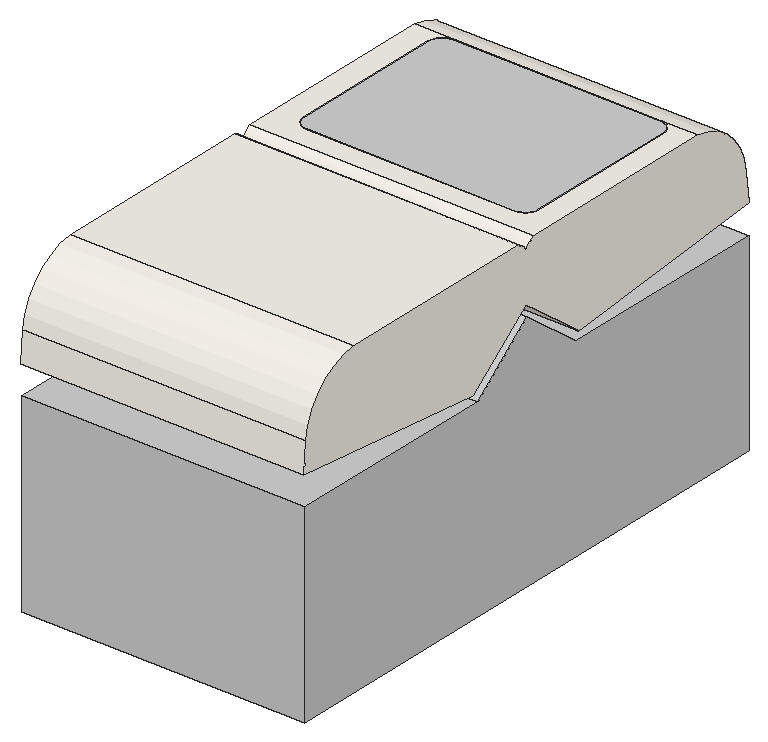
Revit family "Domotics-DomesticRanges-GEWISS-CHORUS_COMMAND-PUSH-BUTTON_DOUBLE_1M", category Apparecchi elettrici, host Superficie, Revit 2016
Family settings
  Host = Superficie
  Mantenere orientamento annotazione = Sì
  Tipo di parte = Normale
  Quota connettore circolare = Usa diametro
  Numero OmniClass = 23.80.50.11.14
  Titolo OmniClass = Switches
  Taglio con vuoti quando caricato = Sì
  Condiviso = Sì
  Punto di calcolo locali = Sì
Parameters (values of type "GW14144 - Titanium")
  Wiring terminals = "With screw"
  Voltage: = "250 V ac"
  Voltage = "250 V ac"
  Vista di pianta [instance] = yes
  Version file RFA = "19.0"
  URL = "https://www.gewiss.com/ww/en"
  Type = "Opal diffuser"
  Tipo_ = CHORUS PULSANTI DOPPI 1M_BASE : GW14144 - Titanio
  Thermo-pressure with ball = "125 °C"
  Terminal tightening capacity rigid cables (mm2) = "min. 0,5 - max. 2x2,5"
  Terminal tightening capacity flexible cables (mm2) = "min. 0,75 - max. 2x4"
  Terminal grip on cable traction = "> 50 N"
  Technical sheet = "https://www.gewiss.com/ww/en/search?q=GW14144"
  Standard; = "EN 60669-1"
  Simbolo_ = SIMBOLO PULSANTI : LUM
  SIMBOLO [instance] = yes
  SEO = "Push button"
  Resistance at test voltage = "2000 V at 50 Hz for 1 minute"
  Realized by GEWISS S.p.A. = ""
  Prolonged operation (no.of position changes) = "40.000 at In 250 V ac cosØ=0,6"
  Produttore = "GEWISS S.p.A."
  Offset pulsante [instance] = 0 mm
  Offset bidimensionale [instance] = 2 mm
  Number of poles = "1P"
  No. Chorus modules = "1"
  Modello = "GW14144"
  Larghezza pulsante = 23 mm
  Insulation resistance = "> 5 MOhm"
  IFC.TypeObject = ""
  IFC.ExportType = ""
  IFC.ExportAs = ""
  IDT = "e94f411e-52af-40ad-8ae0-9443e08576e5"
  IDF = "2e8034d1-03a1-4e93-8a43-b73501fad585"
  Glow Wire Test = "850°C"
  Electrocod = "0130"
  EAN code = "8011564265967"
  Distanza_effettiva_x [instance] = 1500 mm - Distanza_x  # 1500 mm
  Distanza_x [instance] = 0 mm
  Default Elevation = 1219.2 mm
  Immagine tipo = GW14144.jpg
  Descrizione = "P-BUTTON 1M 1P NO 16A TRP LAMP, TITANIUM"
  Description: = "1P NO - 16A illuminable"
  Colour = "Titanium"
  Category = "Push-button"
  Catalogue Range = "CHORUS - DOMESTIC RANGE"
  Catalogue = "DOMOTICS"
  COBie.Tagnumber = ""
  COBie.CreatedOn = ""
  COBie.CreatebBy = ""
  COBie.ComponentRegisterItemID = ""
  COBie.Component.TagNumber = ""
  COBie.Component.Space = ""
  COBie.Component.SerialNumber = ""
  COBie.Component.InstallationDate = ""
  COBie.Component.Description = ""
  COBie.Component.BarCode = ""
  Button key = "Opal diffuser"
  Breaking capacity: = "1.25 In (200 position changes)"
  Bidimensionale = bidimensionale pulsanti doppi 1m : spia
Types (12, lengths in mm): name | Type | Tipo_ | Technical sheet | Simbolo_ | Modello | IDT | EAN code | Immagine tipo | Descrizione | Description: | Colour | Button key | Bidimensionale
  GW10141 - White | "Double" | CHORUS PULSANTI DOPPI 1M_BASE : GW10141 - Bianco | "https://www.gewiss.com/ww/en/search?q=GW10141" | SIMBOLO PULSANTI : DOPPIO | "GW10141" | "402efecf-1e80-4897-b2ad-912b0e04516a" | "8011564261853" | GW10141.jpg | "PUSH-BUTTON, 1M DOUBLE NO 16A WHITE" | "1P NO+NO - 16 A" | "White" | "Double" | bidimensionale pulsanti doppi 1m : pieno
  GW10142 - White | "Green diffuser" | CHORUS PULSANTI DOPPI 1M_BASE : GW10142 - Bianco | "https://www.gewiss.com/ww/en/search?q=GW10142" | SIMBOLO PULSANTI : LUM | "GW10142" | "fdced0a8-2fd2-4e41-861e-fa665b6bf095" | "8011564260801" | GW10142.jpg | "P-BUTTON, 1M 1P NO 16A GREEN LAMP, WHITE" | "1P NO - 16A illuminable" | "White" | "Green diffuser" | bidimensionale pulsanti doppi 1m : spia
  GW10143 - White | "Red diffuser" | CHORUS PULSANTI DOPPI 1M_BASE : GW10143 - Bianco | "https://www.gewiss.com/ww/en/search?q=GW10143" | SIMBOLO PULSANTI : LUM | "GW10143" | "ef0cfec9-2d2e-42ba-9396-7e96745e34f3" | "8011564260818" | GW10143.jpg | "P-BUTTON, 1M 1P NO 16A RED LAMP, WHITE" | "1P NO - 16A illuminable" | "White" | "Red diffuser" | bidimensionale pulsanti doppi 1m : spia
  GW10144 - White | "Opal diffuser" | CHORUS PULSANTI DOPPI 1M_BASE : GW10144 - Bianco | "https://www.gewiss.com/ww/en/search?q=GW10144" | SIMBOLO PULSANTI : LUM | "GW10144" | "e70d7945-064e-48cb-a794-70ec8175eb72" | "8011564260825" | GW10144.jpg | "P-BUTTON 1M 1P NO 16A TRANSP LAMP, WHITE" | "1P NO - 16A illuminable" | "White" | "Opal diffuser" | bidimensionale pulsanti doppi 1m : spia
  GW12141 - Black | "Double" | CHORUS PULSANTI DOPPI 1M_BASE : GW12141 - Nero | "https://www.gewiss.com/ww/en/search?q=GW12141" | SIMBOLO PULSANTI : DOPPIO | "GW12141" | "43ebe68e-0dba-43b8-8b96-0d95c879c669" | "8011564269606" | GW12141.jpg | "PUSH-BUTTON 1M DOUBLE NO 16A BLACK" | "1P NO+NO - 16 A" | "Black" | "Double" | bidimensionale pulsanti doppi 1m : pieno
  GW12142 - Black | "Green diffuser" | CHORUS PULSANTI DOPPI 1M_BASE : GW12142 - Nero | "https://www.gewiss.com/ww/en/search?q=GW12142" | SIMBOLO PULSANTI : LUM | "GW12142" | "b5d410c3-884c-4992-8c79-10494d26b8b2" | "8011564269613" | GW12142.jpg | "P-BUTTON 1M 1P NO 16A GREEN LAMP, BLACK" | "1P NO - 16A illuminable" | "Black" | "Green diffuser" | bidimensionale pulsanti doppi 1m : spia
  GW12143 - Black | "Red diffuser" | CHORUS PULSANTI DOPPI 1M_BASE : GW12143 - Nero | "https://www.gewiss.com/ww/en/search?q=GW12143" | SIMBOLO PULSANTI : LUM | "GW12143" | "dfcf1f26-5ef1-4e33-ae79-815c978a4054" | "8011564269620" | GW12143.jpg | "P-BUTTON 1M 1P NO 16A RED LAMP, BLACK" | "1P NO - 16A illuminable" | "Black" | "Red diffuser" | bidimensionale pulsanti doppi 1m : spia
  GW12144 - Black | "Opal diffuser" | CHORUS PULSANTI DOPPI 1M_BASE : GW12144 - Nero | "https://www.gewiss.com/ww/en/search?q=GW12144" | SIMBOLO PULSANTI : LUM | "GW12144" | "bdaf5ccf-a075-4c69-b39b-8fcf161dcf35" | "8011564269637" | GW12144.jpg | "P-BUTTON 1M 1P NO 16A TRANSP LAMP, BLACK" | "1P NO - 16A illuminable" | "Black" | "Opal diffuser" | bidimensionale pulsanti doppi 1m : spia
  GW14141 - Titanium | "Double" | CHORUS PULSANTI DOPPI 1M_BASE : GW14141 - Titanio | "https://www.gewiss.com/ww/en/search?q=GW14141" | SIMBOLO PULSANTI : DOPPIO | "GW14141" | "8d452048-d3fd-4f08-b4c4-1888a29c77bf" | "8011564265936" | GW14141.jpg | "PUSH-BUTTON 1M DOUBLE NO 16A TITANIUM" | "1P NO+NO - 16 A" | "Titanium" | "Double" | bidimensionale pulsanti doppi 1m : pieno
  GW14142 - Titanium | "Green diffuser" | CHORUS PULSANTI DOPPI 1M_BASE : GW14142 - Titanio | "https://www.gewiss.com/ww/en/search?q=GW14142" | SIMBOLO PULSANTI : LUM | "GW14142" | "8808eefa-72db-46db-9363-b6da4d36fc2b" | "8011564265943" | GW14142.jpg | "P-BUTTON 1M 1P NO 16A GRN LAMP, TITANIUM" | "1P NO - 16A illuminable" | "Titanium" | "Green diffuser" | bidimensionale pulsanti doppi 1m : spia
  GW14143 - Titanium | "Red diffuser" | CHORUS PULSANTI DOPPI 1M_BASE : GW14143 - Titanio | "https://www.gewiss.com/ww/en/search?q=GW14143" | SIMBOLO PULSANTI : LUM | "GW14143" | "107ac022-6c01-4a7c-888a-f81f108883ad" | "8011564265950" | GW14143.jpg | "P-BUTTON 1M 1P NO 16A RED LAMP, TITANIUM" | "1P NO - 16A illuminable" | "Titanium" | "Red diffuser" | bidimensionale pulsanti doppi 1m : spia
  GW14144 - Titanium | "Opal diffuser" | CHORUS PULSANTI DOPPI 1M_BASE : GW14144 - Titanio | "https://www.gewiss.com/ww/en/search?q=GW14144" | SIMBOLO PULSANTI : LUM | "GW14144" | "e94f411e-52af-40ad-8ae0-9443e08576e5" | "8011564265967" | GW14144.jpg | "P-BUTTON 1M 1P NO 16A TRP LAMP, TITANIUM" | "1P NO - 16A illuminable" | "Titanium" | "Opal diffuser" | bidimensionale pulsanti doppi 1m : spia
Reference planes
  plane 1 "Centro (Fronte/Retro)": y = 0
  plane 2: z = 0
  plane 3 "Centro (Sinistra/Destra)": x = 0
  plane 4: z = 0
  plane 5: x = 0
  plane 6: z = 26
  plane 7: x = -11.5
  plane 8: x = 11.5
  plane 9: z = 28
  plane 10: x = -1500
Lines and regions (mm)
  Masking region 1, visible <- "Vista di pianta"
    outline origin (0, 0, 0) x (1, 0, 0) y (0, 0, 1)
      loop
        line (-11.5, 26) -> (-11.5, 0) -> (11.5, 0) -> (11.5, 26) -> (-11.5, 26)
Dimensions and locks
  "Offset pulsante": plane 4 to host face
  locked: plane 6 to plane 4 at 26
  equal spacing: plane 7, plane 3 "Centro (Sinistra/Destra)", plane 8
  "Larghezza pulsante": plane 7 to plane 8
  "Distanza_effettiva_x": plane 10 to plane 5
  plane 10 to plane 3 "Centro (Sinistra/Destra)" = 1500 mm
  "Offset bidimensionale": plane 9 to plane 6
  aligned and locked: plane 2 to host face
  aligned and locked: level to host face
  aligned and locked: nested 1 to plane 4
  aligned and locked: plane 5 to nested 3
  aligned and locked: plane 6 to Masking region 1 sketch curve
  aligned and locked: plane 4 to Masking region 1 sketch curve
  aligned and locked: plane 9 to nested 2
  aligned and locked: nested 2 to plane 9
Automatic sketch dimensions
  host sketch curve to host sketch curve = 2438.4 mm  (x2)
  Masking region 1 sketch curve to plane 3 "Centro (Sinistra/Destra)" = 11.5 mm
  plane 3 "Centro (Sinistra/Destra)" to Masking region 1 sketch curve = 11.5 mm
Nested families
  nested 1: "CHORUS PULSANTI DOPPI 1M_BASE" at (0, 0, 0), type <- "Tipo_", built-in parameter 1001364 <- "Offset pulsante", type "GW14144 - Titanio"
  nested 2: "bidimensionale pulsanti doppi 1m" at (0, 0, 28), type <- "Bidimensionale", type "spia", detail levels coarse
  nested 3: "SIMBOLO PULSANTI" at (0, 312.74, 0), type <- "Simbolo_", SIMBOLO <- "SIMBOLO", type "LUM"
    with TESTO ELETTRICO "", SIMBOLO yes, Distanza dal muro 2 mm, BORDO ACCESO yes
Connectors
  electrical at (0, 0, 0)
    settings: on nested 1, index 1, voltage 0 V, apparent load 0 VA, apparent load phase1 0 VA, apparent load phase2 0 VA, apparent load phase3 0 VA, power factor 1, load classification "Other", number of poles 1, system type 31, power factor state 1, is connector primary yes, connector utility no, sub classification motor no, connector description ""
Definition of nested family "CHORUS PULSANTI DOPPI 1M_BASE"
  Parameters (values of type "GW14144 - Titanio")
    Supporto = none
    Spia = none
    Pulsante pieno = no
    Pulsante con spia = yes
    Pulsante = none
    Profondità suporto = 15.673 mm
    Larghezza pulsante = 23 mm
    Bidimensionale = 36.414 mm
    Altezza pulsante = 45 mm
  Types (12, lengths in mm): name | Pulsante pieno | Pulsante con spia
    GW12141 - Nero | yes | no
    GW14141 - Titanio | yes | no
    GW10141 - Bianco | yes | no
    GW10142 - Bianco | no | yes
    GW10143 - Bianco | no | yes
    GW10144 - Bianco | no | yes
    GW12142 - Nero | no | yes
    GW12143 - Nero | no | yes
    GW12144 - Nero | no | yes
    GW14142 - Titanio | no | yes
    GW14143 - Titanio | no | yes
    GW14144 - Titanio | no | yes
  Reference planes
    plane 1 "Centro (Fronte/Retro)": y = 0
    plane 2: z = 0
    plane 3 "Centro (Sinistra/Destra)": x = 0
    plane 4: y = -22.5
    plane 5: y = 22.5
    plane 6: x = -11.5
    plane 7: x = 11.5
    plane 8: z = 15.673
    plane 9 "PIANO BIDIMENSIONALE": z = 36.414
    plane 10: z = 25.218
    plane 11: y = 0.756
    plane 12: y = -0.756
    plane 13: x = -9.507
    plane 14: x = 9.595
    plane 15: y = 17.372
    plane 16: y = 2.503
  Forms (mm)
    Extrusion 1, solid, material <- "Supporto", detail levels medium+fine
      sketch origin (0, 0, 0) x (0, 1, 0) y (0, 0, 1)
        loop
          line (-22.5, 0) -> (22.5, 0) -> (22.5, 15.673) -> (5, 15.673) -> (0, 19.673) -> (-5, 15.673) -> (-22.5, 15.673) -> (-22.5, 0)
      from -11.5 to 11.5
    Extrusion 2, solid, material <- "Pulsante", visible <- "Pulsante pieno", detail levels medium+fine
      sketch origin (0, -1.516, 0.116) x (0, 0.994522, -0.104528) y (0, 0.104528, 0.994522)
        loop
          line (-22.833, 15.673) -> (-5.514, 15.673) -> (-0.63, 20.499) -> (5.151, 16.793) -> (22.091, 20.394) -> (21.601, 22.701)
          arc (21.601, 22.701) -> (19.707, 25.774) -> (16.295, 26.953) r 5.368
          line (16.295, 26.953) -> (-0.365, 25.202)
          arc (-0.365, 25.202) -> (-0.793, 24.862) -> (-1.037, 24.372) r 1.258
          arc (-1.037, 24.372) -> (-1.377, 24.8) -> (-1.867, 25.044) r 1.258
          line (-1.867, 25.044) -> (-18.527, 23.293)
          arc (-18.527, 23.293) -> (-21.62, 21.43) -> (-22.833, 18.031) r 5.368
          line (-22.833, 18.031) -> (-22.833, 15.673)
      from -11.5 to 11.5
    Extrusion 3, solid, material <- "Pulsante", visible <- "Pulsante con spia", detail levels medium+fine
      sketch origin (0, -1.602, 0.116) x (0, 0.994522, -0.104528) y (0, 0.104528, 0.994522)
        loop
          line (-22.833, 15.673) -> (-5.514, 15.673) -> (-0.63, 20.499) -> (5.151, 16.793) -> (22.091, 20.394) -> (21.601, 22.701)
          arc (21.601, 22.701) -> (19.707, 25.774) -> (16.295, 26.953) r 5.368
          line (16.295, 26.953) -> (-0.365, 25.202)
          arc (-0.365, 25.202) -> (-0.793, 24.862) -> (-1.037, 24.372) r 1.258
          arc (-1.037, 24.372) -> (-1.377, 24.8) -> (-1.867, 25.044) r 1.258
          line (-1.867, 25.044) -> (-18.527, 23.293)
          arc (-18.527, 23.293) -> (-21.62, 21.43) -> (-22.833, 18.031) r 5.368
          line (-22.833, 18.031) -> (-22.833, 15.673)
      from -11.5 to 11.5
    Extrusion 4, void
      sketch origin (0, 164.914, 0) x (1, 0, 0) y (0, 1, 0)
        loop
          line (-8.398, -162.411) -> (8.486, -162.411)
          arc (8.486, -162.411) -> (9.27, -162.086) -> (9.595, -161.302) r 1.109
          line (9.595, -161.302) -> (9.595, -148.651)
          arc (9.595, -148.651) -> (9.27, -147.867) -> (8.486, -147.542) r 1.109
          line (8.486, -147.542) -> (-8.398, -147.542)
          arc (-8.398, -147.542) -> (-9.182, -147.867) -> (-9.507, -148.651) r 1.109
          line (-9.507, -148.651) -> (-9.507, -161.302)
          arc (-9.507, -161.302) -> (-9.182, -162.086) -> (-8.398, -162.411) r 1.109
      from 23.006 to 34.874
    Extrusion 5, solid, material <- "Spia", visible <- "Pulsante con spia", detail levels medium+fine
      sketch origin (0, 0, 0) x (1, 0, 0) y (0, 1, 0)
        loop
          line (-8.398, 2.503) -> (8.486, 2.503)
          arc (8.486, 2.503) -> (9.27, 2.828) -> (9.595, 3.612) r 1.109
          line (9.595, 3.612) -> (9.595, 16.263)
          arc (9.595, 16.263) -> (9.27, 17.047) -> (8.486, 17.372) r 1.109
          line (8.486, 17.372) -> (-8.398, 17.372)
          arc (-8.398, 17.372) -> (-9.182, 17.047) -> (-9.507, 16.263) r 1.109
          line (-9.507, 16.263) -> (-9.507, 3.612)
          arc (-9.507, 3.612) -> (-9.182, 2.828) -> (-8.398, 2.503) r 1.109
      from 23.006 to 25.218
  Cuts and joins
    Extrusion 4 cuts Extrusion 3
  Lines and regions (mm)
    Masking region 1, visible <- "Pulsante pieno"
      outline origin (0, 0, 36.414) x (-1, 0, 0) y (0, -1, 0)
        loop
          line (11.5, -22.5) -> (11.5, -0.756) -> (-11.5, -0.756) -> (-11.5, -22.5) -> (11.5, -22.5)
        loop
          line (-11.5, 0.756) -> (11.5, 0.756) -> (11.5, 22.5) -> (-11.5, 22.5) -> (-11.5, 0.756)
    Masking region 2, visible <- "Pulsante pieno"
      outline origin (0, 0, 36.414) x (-1, 0, 0) y (0, -1, 0)
        loop
          line (11.5, -0.756) -> (11.5, 0.756) -> (-11.5, 0.756) -> (-11.5, -0.756) -> (11.5, -0.756)
    Masking region 3, visible <- "Pulsante con spia"
      outline origin (0, 0, 36.414) x (-1, 0, 0) y (0, -1, 0)
        loop
          arc (8.398, -17.372) -> (9.182, -17.047) -> (9.507, -16.263) r 1.109
          line (9.507, -16.263) -> (9.507, -9.937) -> (9.507, -3.612)
          arc (9.507, -3.612) -> (9.182, -2.828) -> (8.398, -2.503) r 1.109
          line (8.398, -2.503) -> (-0.044, -2.503) -> (-8.486, -2.503)
          arc (-8.486, -2.503) -> (-9.27, -2.828) -> (-9.595, -3.612) r 1.109
          line (-9.595, -3.612) -> (-9.595, -9.937) -> (-9.595, -16.263)
          arc (-9.595, -16.263) -> (-9.27, -17.047) -> (-8.486, -17.372) r 1.109
          line (-8.486, -17.372) -> (-0.044, -17.372) -> (8.398, -17.372)
        loop
          line (11.5, -22.5) -> (11.5, -0.756) -> (-11.5, -0.756) -> (-11.5, -22.5) -> (11.5, -22.5)
        loop
          line (-11.5, 0.756) -> (11.5, 0.756) -> (11.5, 22.5) -> (-11.5, 22.5) -> (-11.5, 0.756)
    Masking region 4, visible <- "Pulsante con spia"
      outline origin (0, 0, 36.414) x (-1, 0, 0) y (0, -1, 0)
        loop
          line (-11.5, -0.756) -> (11.5, -0.756) -> (11.5, 0.756) -> (-11.5, 0.756) -> (-11.5, -0.756)
        loop
          line (-0.044, -2.503) -> (-8.486, -2.503)
          arc (-8.486, -2.503) -> (-9.27, -2.828) -> (-9.595, -3.612) r 1.109
          line (-9.595, -3.612) -> (-9.595, -9.937) -> (-9.595, -16.263)
          arc (-9.595, -16.263) -> (-9.27, -17.047) -> (-8.486, -17.372) r 1.109
          line (-8.486, -17.372) -> (-0.044, -17.372) -> (8.398, -17.372)
          arc (8.398, -17.372) -> (9.182, -17.047) -> (9.507, -16.263) r 1.109
          line (9.507, -16.263) -> (9.507, -9.937) -> (9.507, -3.612)
          arc (9.507, -3.612) -> (9.182, -2.828) -> (8.398, -2.503) r 1.109
          line (8.398, -2.503) -> (-0.044, -2.503)
  Dimensions and locks
    equal spacing: plane 4, plane 1 "Centro (Fronte/Retro)", plane 5
    plane 4 to plane 5 = 45 mm
    equal spacing: plane 6, plane 3 "Centro (Sinistra/Destra)", plane 7
    "Larghezza pulsante": plane 6 to plane 7
    equal spacing: plane 5, plane 1 "Centro (Fronte/Retro)", plane 4
    "Altezza pulsante": plane 5 to plane 4
    "Profondità suporto": plane 8 to plane 2
    "Bidimensionale": plane 9 "PIANO BIDIMENSIONALE" to level
    aligned and locked: level to plane 2
    aligned and locked: Extrusion 1 sketch curve to plane 4
    aligned and locked: plane 5 to Extrusion 1 sketch curve
    aligned and locked: Extrusion 1 sketch curve to plane 2
    aligned and locked: Extrusion 1 to plane 6
    aligned and locked: plane 7 to Extrusion 1
    aligned and locked: Extrusion 2 sketch curve to plane 10
    aligned and locked: plane 14 to Extrusion 4
    aligned and locked: Extrusion 4 to plane 13
    aligned and locked: Extrusion 5 sketch curve to cut or joined group of Extrusion 3, Extrusion 4  (x4)
    aligned and locked: Extrusion 5 to cut or joined group of Extrusion 3, Extrusion 4
    aligned and locked: Extrusion 2 to Extrusion 5
  Automatic sketch dimensions
    plane 8 to Extrusion 1 sketch curve = 0 mm  (x2)
    Extrusion 1 sketch curve to plane 1 "Centro (Fronte/Retro)" = 0 mm
    plane 12 to Extrusion 1 sketch curve = 4.244 mm
    Extrusion 1 sketch curve to plane 16 = 2.497 mm
    Extrusion 1 sketch curve to plane 8 = 4 mm
    Extrusion 2 sketch curve to plane 12 = 0 mm
    Extrusion 2 sketch curve to plane 1 "Centro (Fronte/Retro)" = 0 mm  (x2)
    plane 10 to Extrusion 2 sketch curve = 0 mm  (x2)
    Extrusion 2 sketch curve to plane 11 = 0 mm
    Extrusion 2 sketch curve to Extrusion 2 sketch curve = 0.301 mm
    Extrusion 2 sketch curve to Extrusion 2 sketch curve = 3.345 mm
    Extrusion 2 sketch curve to Extrusion 2 sketch curve = 11.95 mm
    Extrusion 2 sketch curve to Extrusion 2 sketch curve = 1.062 mm
    Extrusion 2 sketch curve to Extrusion 2 sketch curve = 5.368 mm
    Extrusion 2 sketch curve to Extrusion 2 sketch curve = 1.539 mm
    Extrusion 2 sketch curve to Extrusion 2 sketch curve = 0.549 mm
    Extrusion 2 sketch curve to Extrusion 2 sketch curve = 5.781 mm
    Extrusion 2 sketch curve to Extrusion 2 sketch curve = 11.144 mm
    Extrusion 2 sketch curve to Extrusion 2 sketch curve = 0.055 mm
    Extrusion 2 sketch curve to Extrusion 2 sketch curve = 5.251 mm
    Extrusion 2 sketch curve to Extrusion 2 sketch curve = 0.49 mm
    Extrusion 2 sketch curve to Extrusion 2 sketch curve = 3.706 mm
    Extrusion 2 sketch curve to Extrusion 2 sketch curve = 2.358 mm
    Extrusion 2 sketch curve to Extrusion 2 sketch curve = 6.559 mm
    Extrusion 2 sketch curve to Extrusion 2 sketch curve = 1.221 mm
    Masking region 1 sketch curve to plane 7 = 0 mm  (x2)
    Masking region 1 sketch curve to plane 5 = 0 mm
    Masking region 1 sketch curve to plane 6 = 0 mm  (x2)
    plane 11 to Masking region 1 sketch curve = 0 mm
    plane 12 to Masking region 1 sketch curve = 0 mm
    Masking region 1 sketch curve to plane 4 = 0 mm
    Masking region 2 sketch curve to plane 7 = 0 mm
    Masking region 2 sketch curve to plane 6 = 0 mm
    plane 11 to Masking region 2 sketch curve = 0 mm
    plane 12 to Masking region 2 sketch curve = 0 mm
    Masking region 3 sketch curve to plane 5 = 0 mm
    Masking region 3 sketch curve to plane 7 = 0 mm  (x2)
    Masking region 3 sketch curve to plane 4 = 0 mm
    Masking region 3 sketch curve to plane 14 = 0 mm
    plane 16 to Masking region 3 sketch curve = 0 mm
    plane 15 to Masking region 3 sketch curve = 0 mm
    Masking region 3 sketch curve to plane 13 = 0 mm
    Masking region 3 sketch curve to plane 6 = 0 mm  (x2)
    plane 11 to Masking region 3 sketch curve = 0 mm
    plane 12 to Masking region 3 sketch curve = 0 mm
    Masking region 3 sketch curve to plane 14 = 1.109 mm  (x2)
    plane 3 "Centro (Sinistra/Destra)" to Masking region 3 sketch curve = 0.044 mm  (x2)
    Masking region 3 sketch curve to Masking region 3 sketch curve = 1.109 mm
    plane 13 to Masking region 3 sketch curve = 1.109 mm
    Masking region 3 sketch curve to Masking region 3 sketch curve = 6.326 mm  (x2)
    Masking region 4 sketch curve to plane 7 = 0 mm
    Masking region 4 sketch curve to plane 14 = 0 mm
    plane 16 to Masking region 4 sketch curve = 0 mm
    plane 15 to Masking region 4 sketch curve = 0 mm
    Masking region 4 sketch curve to plane 13 = 0 mm
    Masking region 4 sketch curve to plane 6 = 0 mm
    plane 11 to Masking region 4 sketch curve = 0 mm
    plane 12 to Masking region 4 sketch curve = 0 mm
    Masking region 4 sketch curve to plane 14 = 1.109 mm  (x2)
    plane 3 "Centro (Sinistra/Destra)" to Masking region 4 sketch curve = 0.044 mm  (x2)
    plane 13 to Masking region 4 sketch curve = 1.109 mm  (x2)
    Masking region 4 sketch curve to Masking region 4 sketch curve = 6.326 mm  (x2)
    Extrusion 3 sketch curve to plane 10 = 0 mm  (x4)
    Extrusion 3 sketch curve to plane 8 = 4.762 mm
    plane 4 to Extrusion 3 sketch curve = 0.074 mm
    Extrusion 3 sketch curve to Extrusion 3 sketch curve = 4.306 mm
    Extrusion 3 sketch curve to Extrusion 3 sketch curve = 11.95 mm
    Extrusion 3 sketch curve to Extrusion 3 sketch curve = 3.345 mm
    Extrusion 3 sketch curve to Extrusion 3 sketch curve = 0.301 mm
    Extrusion 3 sketch curve to Extrusion 3 sketch curve = 1.539 mm
    Extrusion 3 sketch curve to Extrusion 3 sketch curve = 1.503 mm
    Extrusion 3 sketch curve to Extrusion 3 sketch curve = 0.549 mm
    Extrusion 3 sketch curve to Extrusion 3 sketch curve = 5.781 mm
    Extrusion 3 sketch curve to Extrusion 3 sketch curve = 11.144 mm
    Extrusion 3 sketch curve to Extrusion 3 sketch curve = 0.055 mm
    Extrusion 3 sketch curve to Extrusion 3 sketch curve = 5.251 mm
    Extrusion 3 sketch curve to Extrusion 3 sketch curve = 0.49 mm
    Extrusion 3 sketch curve to Extrusion 3 sketch curve = 8.408 mm
    Extrusion 3 sketch curve to Extrusion 3 sketch curve = 2.358 mm
    Extrusion 3 sketch curve to Extrusion 3 sketch curve = 6.559 mm
    Extrusion 3 sketch curve to Extrusion 3 sketch curve = 4.545 mm
    Extrusion 3 sketch curve to Extrusion 3 sketch curve = 1.221 mm
    Extrusion 3 sketch curve to Extrusion 3 sketch curve = 1.132 mm
    Extrusion 4 sketch curve to plane 14 = 1.109 mm  (x2)
    plane 13 to Extrusion 4 sketch curve = 1.109 mm  (x2)
    Extrusion 4 sketch curve to plane 13 = 0 mm
    plane 15 to Extrusion 4 sketch curve = 0 mm
    plane 16 to Extrusion 4 sketch curve = 0 mm
    Extrusion 4 sketch curve to plane 14 = 0 mm
    Extrusion 4 sketch curve to Extrusion 4 sketch curve = 1.109 mm
    plane 13 to Extrusion 5 sketch curve = 1.109 mm  (x2)
    Extrusion 5 sketch curve to plane 14 = 1.109 mm  (x2)
Definition of nested family "bidimensionale pulsanti doppi 1m"
  Parameters (values of type "spia")
    spia = yes
    pieno = yes
  Types (2, lengths in mm): name | spia
    pieno | no
    spia | yes
  Reference planes
    plane 1 "Centro (Fronte/Retro)": y = 0
    plane 2: z = 0
    plane 3 "Centro (Sinistra/Destra)": x = 0
    plane 4: x = -11.5
    plane 5: x = 11.5
    plane 6: y = 22.5
    plane 7: y = -22.5
  Lines and regions (mm)
    model lines, not visible
      curve 1: line (-11.5, -22.5, 0) -> (-11.5, 22.5, 0)
      curve 2: line (11.5, -22.5, 0) -> (-11.5, -22.5, 0)
      curve 3: line (11.5, 22.5, 0) -> (11.5, -22.5, 0)
      curve 4: line (-11.5, 22.5, 0) -> (11.5, 22.5, 0)
      curve 5: line (-11.5, -22.5, 0) -> (-11.5, 22.5, 0)
      curve 6: line (11.5, -22.5, 0) -> (-11.5, -22.5, 0)
      curve 7: line (11.5, 22.5, 0) -> (11.5, -22.5, 0)
      curve 8: line (5.4, -20, 0) -> (8.1, -20, 0)
      curve 9: line (5.4, -6.8, 0) -> (5.4, -20, 0)
      curve 10: line (8.1, -6.8, 0) -> (5.4, -6.8, 0)
      curve 11: line (8.1, -20, 0) -> (8.1, -6.8, 0)
      curve 12: line (-11.5, 22.5, 0) -> (11.5, 22.5, 0)
      curve 13: line (-11.5, -22.5, 0) -> (-11.5, 22.5, 0)
      curve 14: line (11.5, -22.5, 0) -> (-11.5, -22.5, 0)
      curve 15: line (11.5, 22.5, 0) -> (11.5, -22.5, 0)
      curve 16: line (3.779, -20, 0) -> (10.113, -20, 0)
      curve 17: line (3.779, -13.67, 0) -> (3.779, -20, 0)
      curve 18: line (10.113, -13.67, 0) -> (3.779, -13.67, 0)
      curve 19: line (10.113, -20, 0) -> (10.113, -13.67, 0)
      curve 20: line (-11.5, 22.5, 0) -> (11.5, 22.5, 0)
      curve 21: line (-11.5, 22.5, 0) -> (11.5, 22.5, 0)
      curve 22: line (-11.5, -22.5, 0) -> (-11.5, 22.5, 0)
      curve 23: line (11.5, -22.5, 0) -> (-11.5, -22.5, 0)
      curve 24: line (11.5, 22.5, 0) -> (11.5, -22.5, 0)
      curve 25: circle (4.751, -13.996, 0) r 3.666 normal (0, 0, 1)
      curve 26: circle (4.751, -13.996, 0) r 3.166 normal (0, 0, 1)
      curve 27: line (-11.5, 22.5, 0) -> (11.5, 22.5, 0)
      curve 28: line (-11.5, -22.5, 0) -> (-11.5, 22.5, 0)
      curve 29: line (11.5, -22.5, 0) -> (-11.5, -22.5, 0)
      curve 30: line (11.5, 22.5, 0) -> (11.5, -22.5, 0)
      curve 31: circle (4.751, -13.996, 0) r 3.666 normal (0, 0, 1)
      curve 32: line (9.302, 11.617, 0) -> (5.775, 13.997, 0)
      curve 33: line (5.775, 13.997, 0) -> (2.409, 11.726, 0)
      curve 34: line (5.775, 12.791, 0) -> (3.129, 11.005, 0)
      curve 35: line (8.582, 10.897, 0) -> (5.775, 12.791, 0)
      curve 36: line (2.409, 11.726, 0) -> (3.129, 11.005, 0)
      curve 37: line (8.582, 10.897, 0) -> (9.302, 11.617, 0)
      curve 38: line (9.302, -11.617, 0) -> (5.775, -13.997, 0)
      curve 39: line (5.775, -13.997, 0) -> (2.409, -11.726, 0)
      curve 40: line (5.775, -12.791, 0) -> (3.129, -11.005, 0)
      curve 41: line (8.582, -10.897, 0) -> (5.775, -12.791, 0)
      curve 42: line (2.409, -11.726, 0) -> (3.129, -11.005, 0)
      curve 43: line (8.582, -10.897, 0) -> (9.302, -11.617, 0)
      curve 44: line (-11.5, 22.5, 0) -> (11.5, 22.5, 0)
      curve 45: line (-11.5, -22.5, 0) -> (-11.5, 22.5, 0)
      curve 46: line (11.5, -22.5, 0) -> (-11.5, -22.5, 0)
      curve 47: line (11.5, 22.5, 0) -> (11.5, -22.5, 0)
      curve 48: line (-11.5, 22.5, 0) -> (11.5, 22.5, 0)
      curve 49: line (-11.5, -22.5, 0) -> (-11.5, 22.5, 0)
      curve 50: line (11.5, -22.5, 0) -> (-11.5, -22.5, 0)
      curve 51: line (11.5, 22.5, 0) -> (11.5, -22.5, 0)
      curve 52: line (1.657, -18.621, 0) -> (9.235, -18.621, 0)
      curve 53: line (1.657, -11.042, 0) -> (1.657, -18.621, 0)
      curve 54: line (9.235, -11.042, 0) -> (1.657, -11.042, 0)
      curve 55: line (9.235, -18.621, 0) -> (9.235, -11.042, 0)
      curve 56: circle (5.434, -14.91, 0) r 1.24 normal (0, 0, 1)
      curve 57: line (5.905, -13.764, 0) -> (5.905, -12.893, 0)
      curve 58: line (5.905, -12.893, 0) -> (4.962, -12.893, 0)
      curve 59: line (4.962, -12.893, 0) -> (4.962, -13.764, 0)
      curve 60: line (4.028, -14.413, 0) -> (3.062, -14.154, 0)
      curve 61: line (6.838, -14.413, 0) -> (7.804, -14.154, 0)
      curve 62: line (4.216, -15.77, 0) -> (3.397, -16.344, 0)
      curve 63: line (6.65, -15.77, 0) -> (7.47, -16.344, 0)
      curve 64: line (5.433, -16.401, 0) -> (5.433, -17.401, 0)
      curve 65: line (-11.5, 22.5, 0) -> (11.5, 22.5, 0)
      curve 66: line (-11.5, -22.5, 0) -> (-11.5, 22.5, 0)
      curve 67: line (11.5, -22.5, 0) -> (-11.5, -22.5, 0)
      curve 68: line (11.5, 22.5, 0) -> (11.5, -22.5, 0)
      curve 69: line (9.235, -18.621, 0) -> (1.657, -18.621, 0)
      curve 70: line (9.235, -11.042, 0) -> (9.235, -18.621, 0)
      curve 71: line (1.657, -11.042, 0) -> (9.235, -11.042, 0)
      curve 72: line (1.657, -18.621, 0) -> (1.657, -11.042, 0)
      curve 73: spline (4.268, -15.262, 0) -> (4.046, -15.9, 0) -> (3.654, -16.311, 0) -> (3.18, -16.402, 0) -> (2.732, -16.152, 0) -> (2.412, -15.617, 0) -> (2.292, -14.919, 0) -> (2.399, -14.217, 0) -> (2.709, -13.669, 0) -> (3.152, -13.4, 0) -> (3.627, -13.471, 0) -> (4.027, -13.865, 0) -> (4.26, -14.494, 0)
      curve 74: line (4.26, -14.494, 0) -> (8.311, -14.494, 0)
      curve 75: line (8.311, -14.494, 0) -> (8.469, -15.387, 0)
      curve 76: line (8.469, -15.387, 0) -> (7.516, -15.831, 0)
      curve 77: line (7.516, -15.831, 0) -> (6.549, -15.572, 0)
      curve 78: line (6.549, -15.572, 0) -> (5.423, -15.572, 0)
      curve 79: line (5.423, -15.572, 0) -> (4.268, -15.262, 0)
      curve 80: line (-11.5, 22.5, 0) -> (11.5, 22.5, 0)
      curve 81: line (-11.5, -22.5, 0) -> (-11.5, 22.5, 0)
      curve 82: line (11.5, -22.5, 0) -> (-11.5, -22.5, 0)
      curve 83: line (11.5, 22.5, 0) -> (11.5, -22.5, 0)
      curve 84: line (1.657, -11.042, 0) -> (9.235, -11.042, 0)
      curve 85: line (1.657, -18.621, 0) -> (1.657, -11.042, 0)
      curve 86: line (9.235, -18.621, 0) -> (1.657, -18.621, 0)
      curve 87: line (9.235, -11.042, 0) -> (9.235, -18.621, 0)
      curve 88: line (7.48, -13.955, 0) -> (7.654, -17.568, 0)
      curve 89: arc (7.48, -13.955, 0) -> (5.702, -11.929, 0) -> (3.462, -13.429, 0) r 2.043
      curve 90: line (3.238, -17.568, 0) -> (3.462, -13.429, 0)
      curve 91: line (7.654, -17.568, 0) -> (3.238, -17.568, 0)
      curve 92: circle (4.084, -17.804, 0) r 0.236 normal (0, 0, 1)
      curve 93: circle (5.446, -11.57, 0) r 0.249 normal (0, 0, 1)
    model lines, visible <- "pieno"
      curve 94: line (-11.5, 22.5, 0) -> (11.5, 22.5, 0)
      curve 95: line (-11.5, -22.5, 0) -> (-11.5, 22.5, 0)
      curve 96: line (11.5, -22.5, 0) -> (-11.5, -22.5, 0)
      curve 97: line (11.5, 22.5, 0) -> (11.5, -22.5, 0)
      curve 98: line (-11.5, 0.756, 0) -> (11.5, 0.756, 0)
      curve 99: line (-11.5, -0.756, 0) -> (11.5, -0.756, 0)
    model lines, visible <- "spia"
      curve 100: line (0.044, 17.372, 0) -> (8.486, 17.372, 0)
      curve 101: arc (8.486, 17.372, 0) -> (9.27, 17.047, 0) -> (9.595, 16.263, 0) r 1.109
      curve 102: line (9.595, 16.263, 0) -> (9.595, 9.937, 0)
      curve 103: line (9.595, 9.937, 0) -> (9.595, 3.612, 0)
      curve 104: arc (9.595, 3.612, 0) -> (9.27, 2.828, 0) -> (8.486, 2.503, 0) r 1.109
      curve 105: line (8.486, 2.503, 0) -> (0.044, 2.503, 0)
      curve 106: line (0.044, 2.503, 0) -> (-8.398, 2.503, 0)
      curve 107: arc (-8.398, 2.503, 0) -> (-9.182, 2.828, 0) -> (-9.507, 3.612, 0) r 1.109
      curve 108: line (-9.507, 3.612, 0) -> (-9.507, 9.937, 0)
      curve 109: line (-9.507, 9.937, 0) -> (-9.507, 16.263, 0)
      curve 110: arc (-9.507, 16.263, 0) -> (-9.182, 17.047, 0) -> (-8.398, 17.372, 0) r 1.109
      curve 111: line (-8.398, 17.372, 0) -> (0.044, 17.372, 0)
      curve 112: circle (0.044, 9.937, 0) r 6.486 normal (0, 0, 1)
      curve 113: line (-4.542, 14.524, 0) -> (0.044, 9.937, 0)
      curve 114: line (4.631, 5.351, 0) -> (0.044, 9.937, 0)
      curve 115: line (0.044, 9.937, 0) -> (-4.542, 5.351, 0)
      curve 116: line (0.044, 9.937, 0) -> (4.631, 14.524, 0)
  Dimensions and locks
    equal spacing: plane 4, plane 3 "Centro (Sinistra/Destra)", plane 5
    plane 4 to plane 5 = 23 mm
    equal spacing: plane 6, plane 1 "Centro (Fronte/Retro)", plane 7
    aligned and locked: level to plane 2
  Automatic sketch dimensions
    curve 96 to plane 4 = 0 mm
    curve 96 to plane 5 = 0 mm
    curve 96 to plane 7 = 0 mm
    curve 95 to plane 6 = 0 mm
    curve 98 to plane 1 "Centro (Fronte/Retro)" = 0.756 mm
    plane 1 "Centro (Fronte/Retro)" to curve 99 = 0.756 mm
    plane 4 to curve 108 = 1.993 mm
    curve 109 to curve 110 = 1.109 mm
    curve 108 to curve 107 = 1.109 mm
    plane 3 "Centro (Sinistra/Destra)" to curve 100 = 0.044 mm
    plane 3 "Centro (Sinistra/Destra)" to curve 106 = 0.044 mm
    curve 101 to plane 5 = 3.014 mm
    curve 105 to plane 5 = 3.014 mm
    curve 103 to plane 5 = 1.905 mm
    curve 105 to plane 1 "Centro (Fronte/Retro)" = 2.503 mm
    curve 108 to curve 108 = 6.326 mm
    curve 104 to curve 102 = 6.326 mm
    curve 110 to plane 6 = 6.237 mm
    plane 3 "Centro (Sinistra/Destra)" to curve 112 = 0.044 mm
    curve 112 to curve 100 = 7.435 mm
    curve 113 to curve 112 = 0 mm  (x2)
    curve 113 to curve 110 = 1.739 mm
    curve 114 to curve 104 = 3.856 mm
    curve 110 to curve 113 = 3.856 mm
Definition of nested family "SIMBOLO PULSANTI"
  Parameters (values of type "PULSANTE")
    TESTO ELETTRICO [instance] = ""
    Simbolo = SIMBOLO PULSANTI_BASE : PULSANTE
    SIMBOLO [instance] = yes
    Distanza dal muro [instance] = 4.208 mm
    BORDO ACCESO [instance] = yes
  Types (8, lengths in mm): name | TESTO ELETTRICO | Simbolo
    PULSANTE | "" | SIMBOLO PULSANTI_BASE : PULSANTE
    PULSTIRANTE | "" | SIMBOLO PULSANTI_BASE : PULSTIRANTE
    PULSCHIAVE | "" | SIMBOLO PULSANTI_BASE : PULSCHIAVE
    TARGA | "" | SIMBOLO PULSANTI_BASE : TARGA
    RRNC | "A" | SIMBOLO PULSANTI_BASE : RRNC
    MARNO | "M" | SIMBOLO PULSANTI_BASE : MARNO
    LUM | "" | SIMBOLO PULSANTI_BASE : LUM
    DOPPIO | "" | SIMBOLO PULSANTI_BASE : DOPPIO
  Reference planes
    plane 1: y = 0
    plane 2: x = 0
  Lines and regions (mm)
    detail lines, visible <- "BORDO ACCESO", not visible
      curve 1: line (-2.25, 0.412, 0) -> (2.25, 0.412, 0)
      curve 2: line (2.25, 0.412, 0) -> (2.25, -5.588, 0)
      curve 3: line (2.25, -5.588, 0) -> (-2.25, -5.588, 0)
      curve 4: line (-2.25, -5.588, 0) -> (-2.25, 0.412, 0)
      curve 30: line (-1.85, 0.012, 0) -> (1.85, 0.012, 0)
      curve 31: line (1.85, 0.012, 0) -> (1.85, -5.188, 0)
      curve 32: line (1.85, -5.188, 0) -> (-1.85, -5.188, 0)
      curve 33: line (-1.85, -5.188, 0) -> (-1.85, 0.012, 0)
      curve 34: line (-2.25, 6, 0) -> (2.25, 6, 0)
      curve 35: line (2.25, 6, 0) -> (2.25, 0, 0)
      curve 36: line (2.25, 0, 0) -> (-2.25, 0, 0)
      curve 37: line (-2.25, 0, 0) -> (-2.25, 6, 0)
      curve 61: line (-1.85, 5.6, 0) -> (1.85, 5.6, 0)
      curve 62: line (1.85, 5.6, 0) -> (1.85, 0.4, 0)
      curve 63: line (1.85, 0.4, 0) -> (-1.85, 0.4, 0)
      curve 64: line (-1.85, 0.4, 0) -> (-1.85, 5.6, 0)
      curve 65: line (-2.443, 10.208, 0) -> (2.057, 10.208, 0)
      curve 66: line (2.057, 10.208, 0) -> (2.057, 4.208, 0)
      curve 67: line (2.057, 4.208, 0) -> (-2.443, 4.208, 0)
      curve 68: line (-2.443, 4.208, 0) -> (-2.443, 10.208, 0)
      curve 69: line (-2.043, 9.808, 0) -> (1.657, 9.808, 0)
      curve 70: line (1.657, 9.808, 0) -> (1.657, 4.608, 0)
      curve 71: line (1.657, 4.608, 0) -> (-2.043, 4.608, 0)
      curve 72: line (-2.043, 4.608, 0) -> (-2.043, 9.808, 0)
    detail lines, not visible
      curve 5: line (-9.473, -5.588, 0) -> (10.527, -5.588, 0)
      curve 6: circle (-0.56, -0.487, 0) r 0.969 normal (0, 0, 1)
      curve 7: line (-0.005, 0.306, 0) -> (0.852, 1.529, 0)
      curve 8: line (0.852, 1.529, 0) -> (1.529, 1.047, 0)
      curve 9: circle (-0.56, -315.487, 0) r 0.969 normal (0, 0, 1)
      curve 10: line (-0.005, -314.694, 0) -> (0.852, -313.471, 0)
      curve 11: line (0.852, -313.471, 0) -> (1.529, -313.953, 0)
      curve 12: line (-1.245, -314.803, 0) -> (0.124, -316.172, 0)
      curve 13: line (0.124, -314.803, 0) -> (-1.245, -316.172, 0)
      curve 14: circle (-0.56, -480.487, 0) r 0.969 normal (0, 0, 1)
      curve 15: line (-0.005, -479.694, 0) -> (0.852, -478.471, 0)
      curve 16: line (0.852, -478.471, 0) -> (1.529, -478.953, 0)
      curve 17: line (0.493, -478.983, 0) -> (1.167, -479.462, 0)
      curve 18: circle (-0.56, -880.487, 0) r 0.969 normal (0, 0, 1)
      curve 19: line (-0.005, -879.694, 0) -> (0.852, -878.471, 0)
      curve 20: line (0.852, -878.471, 0) -> (1.529, -878.953, 0)
      curve 21: line (-1.245, -879.803, 0) -> (0.124, -881.172, 0)
      curve 22: line (0.124, -879.803, 0) -> (-1.245, -881.172, 0)
      curve 23: line (0.493, -878.983, 0) -> (1.167, -879.462, 0)
      curve 24: circle (-0.56, -365.487, 0) r 0.969 normal (0, 0, 1)
      curve 25: line (-0.005, -364.694, 0) -> (0.852, -363.471, 0)
      curve 26: line (0.852, -363.471, 0) -> (1.529, -363.953, 0)
      curve 27: line (-0.56, -364.925, 0) -> (-0.56, -366.05, 0)
      curve 28: line (0.493, -363.983, 0) -> (1.167, -364.462, 0)
      curve 29: line (0, 3.621, 0) -> (0, -16.379, 0)
      curve 38: circle (-0.56, 2.417, 0) r 0.969 normal (0, 0, 1)
      curve 39: line (-0.005, 3.21, 0) -> (0.852, 4.433, 0)
      curve 40: line (0.852, 4.433, 0) -> (1.529, 3.951, 0)
      curve 41: circle (-0.56, 2.417, 0) r 0.969 normal (0, 0, 1)
      curve 42: line (-0.005, 3.21, 0) -> (0.852, 4.433, 0)
      curve 43: line (0.852, 4.433, 0) -> (1.529, 3.951, 0)
      curve 44: line (-1.245, 3.102, 0) -> (0.124, 1.732, 0)
      curve 45: line (0.124, 3.102, 0) -> (-1.245, 1.732, 0)
      curve 46: circle (-0.56, 2.417, 0) r 0.969 normal (0, 0, 1)
      curve 47: line (-0.005, 3.21, 0) -> (0.852, 4.433, 0)
      curve 48: line (0.852, 4.433, 0) -> (1.529, 3.951, 0)
      curve 49: circle (-0.56, 2.417, 0) r 0.969 normal (0, 0, 1)
      curve 50: line (-0.005, 3.21, 0) -> (0.852, 4.433, 0)
      curve 51: line (0.852, 4.433, 0) -> (1.529, 3.951, 0)
      curve 52: line (-1.245, 3.102, 0) -> (0.124, 1.732, 0)
      curve 53: line (0.124, 3.102, 0) -> (-1.245, 1.732, 0)
      curve 54: line (0.493, 3.921, 0) -> (1.167, 3.442, 0)
      curve 55: line (0.493, 3.921, 0) -> (1.167, 3.442, 0)
      curve 56: circle (-0.56, 2.417, 0) r 0.969 normal (0, 0, 1)
      curve 57: line (-0.005, 3.21, 0) -> (0.852, 4.433, 0)
      curve 58: line (0.852, 4.433, 0) -> (1.529, 3.951, 0)
      curve 59: line (-0.56, 2.979, 0) -> (-0.56, 1.854, 0)
      curve 60: line (0.493, 3.921, 0) -> (1.167, 3.442, 0)
      curve 73: line (-1.644, 2.848, 0) -> (1.644, 2.848, 0)
      curve 74: line (-1.644, 0.61, 0) -> (-1.644, 2.848, 0)
      curve 75: line (1.644, 0.61, 0) -> (-1.644, 0.61, 0)
      curve 76: line (1.644, 2.848, 0) -> (1.644, 0.61, 0)
      curve 77: line (-1.325, 0.987, 0) -> (1.325, 0.987, 0)
      curve 78: circle (0, 1.912, 0) r 0.5 normal (0, 0, 1)
      curve 79: circle (0, 1.912, 0) r 0.8 normal (0, 0, 1)
      curve 80: line (-1.325, 0.987, 0) -> (1.325, 0.987, 0)
      curve 81: line (-0.354, 2.265, 0) -> (0.354, 1.558, 0)
      curve 82: line (0.354, 2.265, 0) -> (-0.354, 1.558, 0)
  Dimensions and locks
    "Distanza dal muro": plane 1 to nested 1
    aligned and locked: curve 5 to curve 3
    aligned and locked: plane 2 to nested 1
  Nested families
    nested 1: "SIMBOLO PULSANTI_BASE" at (0, 4.208, 0), BORDO ACCESO <- "BORDO ACCESO", type <- "Simbolo", TESTO ELETTRICO <- "TESTO ELETTRICO", visible <- "SIMBOLO", type "PULSANTE"
      with TESTO ELETTRICO "", BORDO ACCESO yes
  Definition of nested family "SIMBOLO PULSANTI_BASE"
    Parameters (values of type "RRNC")
      TEXT = yes
      TESTO ELETTRICO [instance] = ""
      TARGA = no
      PULSANTECHIAVE = no
      PULSTIRANTE = no
      PULSANTE = yes
      LUM = no
      DOPPIO = no
      BORDO ACCESO [instance] = yes
    Types (8, lengths in mm): name | TEXT | TARGA | PULSANTECHIAVE | PULSTIRANTE | PULSANTE | LUM | DOPPIO
      PULSANTE | no | no | no | no | yes | no | no
      PULSTIRANTE | no | no | no | yes | yes | no | no
      PULSCHIAVE | no | no | yes | no | yes | no | no
      TARGA | no | yes | no | no | no | no | no
      RRNC | yes | no | no | no | yes | no | no
      MARNO | yes | no | no | no | yes | no | no
      LUM | no | no | no | no | no | yes | no
      DOPPIO | no | no | no | no | no | no | yes
    Reference planes
      plane 1: y = 0
      plane 2: x = 0
    Lines and regions (mm)
      detail lines, visible <- "PULSANTE"
        curve 1: circle (0, 1.258, 0) r 0.527 normal (0, 0, 1)
        curve 11: circle (0, 1.258, 0) r 0.394 normal (0, 0, 1)
      detail lines, visible <- "BORDO ACCESO", not visible
        curve 2: line (-1.943, 9.208, 0) -> (1.857, 9.208, 0)
        curve 3: line (1.857, 9.208, 0) -> (1.857, 4.208, 0)
        curve 4: line (1.857, 4.208, 0) -> (-1.943, 4.208, 0)
        curve 5: line (-1.943, 4.208, 0) -> (-1.943, 9.208, 0)
        curve 6: line (-1.743, 9.008, 0) -> (1.657, 9.008, 0)
        curve 7: line (1.657, 9.008, 0) -> (1.657, 4.408, 0)
        curve 8: line (1.657, 4.408, 0) -> (-1.743, 4.408, 0)
        curve 9: line (-1.743, 4.408, 0) -> (-1.743, 9.008, 0)
      detail lines, visible <- "PULSANTECHIAVE"
        curve 10: line (0, 1.559, 0) -> (0, 0.929, 0)
      detail lines, visible <- "PULSTIRANTE"
        curve 12: line (0, 0.732, 0) -> (0, 0.441, 0)
        curve 13: line (-0.162, 0.441, 0) -> (0.162, 0.441, 0)
        curve 14: line (-0.162, 0.441, 0) -> (0, 0.16, 0)
        curve 15: line (0, 0.16, 0) -> (0.162, 0.441, 0)
      detail lines, visible <- "TARGA"
        curve 16: line (-0.866, 1.843, 0) -> (0.866, 1.843, 0)
        curve 17: line (-0.866, 0.665, 0) -> (-0.866, 1.843, 0)
        curve 18: line (0.866, 0.665, 0) -> (-0.866, 0.665, 0)
        curve 19: line (0.866, 1.843, 0) -> (0.866, 0.665, 0)
        curve 20: line (-0.698, 0.863, 0) -> (0.698, 0.863, 0)
        curve 21: circle (0, 1.35, 0) r 0.263 normal (0, 0, 1)
        curve 22: circle (0, 1.35, 0) r 0.421 normal (0, 0, 1)
        curve 23: line (-0.698, 0.863, 0) -> (0.698, 0.863, 0)
        curve 24: line (-0.186, 1.536, 0) -> (0.186, 1.164, 0)
        curve 25: line (0.186, 1.536, 0) -> (-0.186, 1.164, 0)
      detail lines, visible <- "TARGA", not visible
        curve 26: line (-1.644, 2.848, 0) -> (1.644, 2.848, 0)
        curve 27: line (-1.644, 0.61, 0) -> (-1.644, 2.848, 0)
        curve 28: line (1.644, 0.61, 0) -> (-1.644, 0.61, 0)
        curve 29: line (1.644, 2.848, 0) -> (1.644, 0.61, 0)
        curve 30: line (-1.325, 0.987, 0) -> (1.325, 0.987, 0)
        curve 31: circle (0, 1.912, 0) r 0.5 normal (0, 0, 1)
        curve 32: circle (0, 1.912, 0) r 0.8 normal (0, 0, 1)
        curve 33: line (-1.325, 0.987, 0) -> (1.325, 0.987, 0)
        curve 34: line (-0.354, 2.265, 0) -> (0.354, 1.558, 0)
        curve 35: line (0.354, 2.265, 0) -> (-0.354, 1.558, 0)
        curve 59: line (-0.866, 3.093, 0) -> (0.866, 3.093, 0)
        curve 60: line (-0.866, 1.915, 0) -> (-0.866, 3.093, 0)
        curve 61: line (0.866, 1.915, 0) -> (-0.866, 1.915, 0)
        curve 62: line (0.866, 3.093, 0) -> (0.866, 1.915, 0)
        curve 63: line (-0.698, 2.113, 0) -> (0.698, 2.113, 0)
        curve 64: circle (0, 2.6, 0) r 0.263 normal (0, 0, 1)
        curve 65: circle (0, 2.6, 0) r 0.421 normal (0, 0, 1)
        curve 66: line (-0.698, 2.113, 0) -> (0.698, 2.113, 0)
        curve 67: line (-0.186, 2.786, 0) -> (0.186, 2.414, 0)
        curve 68: line (0.186, 2.786, 0) -> (-0.186, 2.414, 0)
      detail lines, visible <- "LUM"
        curve 36: circle (0, 1.258, 0) r 0.527 normal (0, 0, 1)
        curve 37: circle (0, 1.258, 0) r 0.394 normal (0, 0, 1)
        curve 38: line (0.279, 0.979, 0) -> (-0.279, 1.537, 0)
        curve 39: line (-0.279, 0.979, 0) -> (0.279, 1.537, 0)
      detail lines, visible <- "LUM", not visible
        curve 40: circle (0, -4.588, 0) r 1 normal (0, 0, 1)
        curve 41: circle (0, -4.588, 0) r 0.749 normal (0, 0, 1)
        curve 42: line (0.53, -5.117, 0) -> (-0.53, -4.058, 0)
        curve 43: line (-0.53, -5.117, 0) -> (0.53, -4.058, 0)
        curve 69: circle (0, 2.508, 0) r 0.527 normal (0, 0, 1)
        curve 70: circle (0, 2.508, 0) r 0.394 normal (0, 0, 1)
        curve 71: line (0.279, 2.229, 0) -> (-0.279, 2.787, 0)
        curve 72: line (-0.279, 2.229, 0) -> (0.279, 2.787, 0)
      detail lines, visible <- "DOPPIO"
        curve 44: circle (0, 1.785, 0) r 0.527 normal (0, 0, 1)
        curve 45: circle (0, 1.785, 0) r 0.394 normal (0, 0, 1)
        curve 46: circle (0, 0.732, 0) r 0.527 normal (0, 0, 1)
        curve 47: circle (0, 0.732, 0) r 0.394 normal (0, 0, 1)
      detail lines, visible <- "DOPPIO", not visible
        curve 48: circle (0, -6.992, 0) r 1 normal (0, 0, 1)
        curve 49: circle (0, -6.992, 0) r 0.749 normal (0, 0, 1)
        curve 50: circle (0, -8.992, 0) r 1 normal (0, 0, 1)
        curve 51: circle (0, -8.992, 0) r 0.749 normal (0, 0, 1)
        curve 73: circle (0, 3.035, 0) r 0.527 normal (0, 0, 1)
        curve 74: circle (0, 3.035, 0) r 0.394 normal (0, 0, 1)
        curve 75: circle (0, 1.982, 0) r 0.527 normal (0, 0, 1)
        curve 76: circle (0, 1.982, 0) r 0.394 normal (0, 0, 1)
      detail lines, visible <- "PULSANTE", not visible
        curve 52: circle (0, 2.508, 0) r 0.527 normal (0, 0, 1)
        curve 54: circle (0, 2.508, 0) r 0.394 normal (0, 0, 1)
      detail lines, visible <- "PULSANTECHIAVE", not visible
        curve 53: line (0, 2.809, 0) -> (0, 2.179, 0)
      detail lines, visible <- "PULSTIRANTE", not visible
        curve 55: line (0, 1.982, 0) -> (0, 1.691, 0)
        curve 56: line (-0.162, 1.691, 0) -> (0.162, 1.691, 0)
        curve 57: line (-0.162, 1.691, 0) -> (0, 1.41, 0)
        curve 58: line (0, 1.41, 0) -> (0.162, 1.691, 0)
    Text (mm)
      label "TXT" at (0.016, 1.223, 0), shows "TESTO ELETTRICO", visible <- "TEXT"
      label "TXT" at (0.016, 2.473, 0), shows "TESTO ELETTRICO", visible <- "TEXT", not visible
